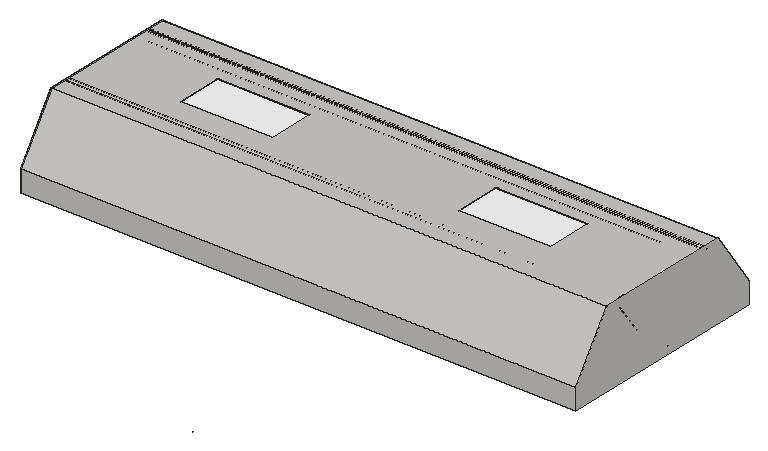
Revit family "QF_ELECTROLUXPROFESSIONAL_642351_BC1436DT", category Attrezzature speciali, Revit 2021
Family settings
  Quota connettore circolare = Usa diametro
  Tipo di parte = Normale
  Basato su piano di lavoro = No
  Sempre verticale = Sì
  Taglio con vuoti quando caricato = No
  Condiviso = No
  Punto di calcolo locali = No
Parameters (values of type "Standard")
  Weight = 103.00 kg
  Watts = 0 W
  Volts = 0 V
  URL Manufacturer = "https://www.electroluxprofessional.com/"
  URL = "https://www.electroluxprofessional.com/"
  Steam Supply Size = 0 mm
  Steam Supply Minimum Pressure = 0.0 Pa
  Steam Supply Maximum Pressure = 0.0 Pa
  Steam Consumption per Hour = 0
  Refrigeration Suction Line Size = 0 mm
  Refrigeration Liquid Line Size = 0 mm
  Refrigerant Compressor Remote = yes
  Prospetto di default = 0 mm
  Produttore = "Electrolux Professional"
  Phase = 0
  Modello = "BC1436DT"
  Length Actual = 3600 mm  # constant formula
  Item Number = "642351"
  Hot Water Size = 0 mm
  Height Actual = 500 mm  # constant formula
  HP = "0 HP"
  Gas Size = 0 mm
  Gas KW = 0
  Gas Input Pressure = 0 W
  Direct Waste Size = 0 mm
  Descrizione = "304 S/S ISLAND HOOD+FILTERS 3600X1400MM"
  Depth Actual = 1400 mm  # constant formula
  Cycle = 0 Hz
  Condensate Return Size = 0 mm
  Compressed Air Volume = 0.0 L/s
  Compressed Air Size = 0 mm
  Compressed Air Pressure = 0.0 Pa
  Cold Water Size = 0 mm
  Accessory = yes
Reference planes
  plane 1: z = 0
  plane 2 "Center (Left/Right)": x = 150
  plane 3 "LEFT": x = -1650
  plane 4 "RIGHT": x = 1950
  plane 5 "BACK": y = 550
  plane 6 "TOP": z = 2500
  plane 7 "Base": z = 2000
  plane 8: z = 1946
  plane 9: x = -1647
  plane 10 "DrainX": x = 1799
  plane 11 "AOLeft2": x = -450
  plane 12 "AORight1": x = 750
  plane 13: x = 1947
  plane 14: x = -1450
  plane 15: x = 1750
  plane 16: x = 50
  plane 17: x = 250
  plane 18 "AOLeft1": x = -1050
  plane 19 "AORight2": x = 1350
  plane 20: y = 0
  plane 21: y = -300
  plane 22 "Center (Front/Back)": y = -150
  plane 23: y = -850
  plane 24: through (0, -201.379, 2046.209) normal (0, 0.8019, 0.5974)
  plane 25: through (0, -98.621, 2046.209) normal (0, 0.8019, -0.5974)
  plane 26: z = 2140
Forms (mm)
  Extrusion 1, solid, material "QF_Finishes_Stainless Steel"
    sketch origin (-1650, 0, 360) x (0, 1, 0) y (0, 0, 1)
      loop
        line (550, 1640) -> (550, 1780) -> (299.446, 2140) -> (-599.446, 2140) -> (-850, 1780) -> (-850, 1640) -> (550, 1640)
    from 0 to 3
  Extrusion 2, solid, material "QF_Finishes_Stainless Steel"
    sketch origin (1950, 0, 360) x (0, 1, 0) y (0, 0, 1)
      loop
        line (550, 1640) -> (550, 1780) -> (299.446, 2140) -> (-599.446, 2140) -> (-850, 1780) -> (-850, 1640) -> (550, 1640)
    from 0 to -3
  Extrusion 3, solid, material "QF_Finishes_Stainless Steel"
    sketch origin (150, 0, 360) x (0, 1, 0) y (0, 0, 1)
      loop
        line (-599.446, 2140) -> (-850, 1780) -> (-850, 1640) -> (-840, 1640) -> (-840, 1640.8) -> (-849.2, 1640.8) -> (-849.2, 1779.739) -> (-599.025, 2139.19) -> (299.025, 2139.19) -> (549.2, 1779.739) -> (549.2, 1640.8) -> (540, 1640.8) -> (540, 1640) -> (550, 1640) -> (550, 1780) -> (299.446, 2140) -> (-599.446, 2140)
    from -1800 to 1800
  Extrusion 4, void
    sketch origin (0, 0, 2500) x (0, 1, 0) y (-1, 0, 0)
      loop
        line (0, 450) -> (0, 1050) -> (-300, 1050) -> (-300, 450) -> (0, 450)
    from 0 to -10
  Extrusion 5, solid, material "QF_Finishes_Stainless Steel"
    sketch origin (0, 0, 0) x (1, 0, 0) y (0, 1, 0)
      loop
        line (-1650, 550) -> (-1650, 549) -> (-1649, 549) -> (-1649, 550) -> (-1650, 550)
    from 0 to 1
  Extrusion 6, solid, material "QF_Finishes_Stainless Steel"
    sketch origin (150, -400, 360) x (0, 1, 0) y (0, 0, 1)
      loop
        line (-98.883, 2085.553) -> (198.621, 1686.209) -> (214.66, 1698.157) -> (-82.844, 2097.501) -> (-98.883, 2085.553)
      loop
        line (598.883, 2085.553) -> (582.844, 2097.501) -> (285.34, 1698.157) -> (301.379, 1686.209) -> (598.883, 2085.553)
    from -1600 to -1797
  Extrusion 7, solid, material "QF_Finishes_Stainless Steel"
    sketch origin (150, -400, 360) x (0, 1, 0) y (0, 0, 1)
      loop
        arc (316.056, 1704.554) -> (315.455, 1704.706) -> (314.923, 1704.389) r 0.81
        line (314.923, 1704.389) -> (300.465, 1684.991) -> (283.389, 1687.002) -> (286.391, 1712.615) -> (285.593, 1712.708) -> (282.594, 1687.095)
        arc (282.594, 1687.095) -> (282.763, 1686.499) -> (283.305, 1686.197) r 0.81
        line (283.305, 1686.197) -> (300.372, 1684.196)
        arc (300.372, 1684.196) -> (300.787, 1684.257) -> (301.116, 1684.517) r 0.81
        line (301.116, 1684.517) -> (315.564, 1703.911) -> (326.308, 1695.919) -> (300.145, 1660.79) -> (199.855, 1660.79) -> (173.692, 1695.919) -> (184.436, 1703.911) -> (198.884, 1684.517)
        arc (198.884, 1684.517) -> (199.213, 1684.257) -> (199.628, 1684.196) r 0.81
        line (199.628, 1684.196) -> (216.695, 1686.197)
        arc (216.695, 1686.197) -> (217.237, 1686.499) -> (217.406, 1687.095) r 0.81
        line (217.406, 1687.095) -> (214.407, 1712.708) -> (213.609, 1712.615) -> (216.611, 1687.002) -> (199.535, 1684.991) -> (185.077, 1704.389)
        arc (185.077, 1704.389) -> (184.545, 1704.706) -> (183.944, 1704.554) r 0.81
        line (183.944, 1704.554) -> (173.214, 1696.561)
        arc (173.214, 1696.561) -> (172.897, 1696.028) -> (173.049, 1695.427) r 0.81
        line (173.049, 1695.427) -> (199.157, 1660.381)
        arc (199.157, 1660.381) -> (199.5, 1660.093) -> (199.937, 1659.99) r 0.972
        line (199.937, 1659.99) -> (300.049, 1659.99)
        arc (300.049, 1659.99) -> (300.498, 1660.096) -> (300.851, 1660.393) r 1
        line (300.851, 1660.393) -> (326.951, 1695.427)
        arc (326.951, 1695.427) -> (327.103, 1696.028) -> (326.786, 1696.561) r 0.81
        line (326.786, 1696.561) -> (316.056, 1704.554)
      loop
        line (-92.735, 2139.19) -> (-92.735, 2129.205) -> (-117.587, 2110.686)
        arc (-117.587, 2110.686) -> (-117.904, 2110.153) -> (-117.752, 2109.552) r 0.81
        line (-117.752, 2109.552) -> (-84.894, 2065.446) -> (-95.625, 2057.438) -> (-95.147, 2056.796) -> (-84.418, 2064.79)
        arc (-84.418, 2064.79) -> (-84.1, 2065.322) -> (-84.252, 2065.923) r 0.81
        line (-84.252, 2065.923) -> (-117.117, 2110.038) -> (-91.935, 2128.798) -> (-91.935, 2138.4) -> (-62.776, 2138.4) -> (-62.776, 2070.563) -> (-61.976, 2069.49) -> (-61.976, 2139.19) -> (-92.735, 2139.19)
      loop
        line (592.735, 2139.19) -> (561.976, 2139.19) -> (561.976, 2069.49) -> (562.776, 2070.563) -> (562.776, 2138.4) -> (591.935, 2138.4) -> (591.935, 2128.798) -> (617.117, 2110.038) -> (584.252, 2065.923)
        arc (584.252, 2065.923) -> (584.1, 2065.322) -> (584.418, 2064.79) r 0.81
        line (584.418, 2064.79) -> (595.147, 2056.796) -> (595.625, 2057.438) -> (584.894, 2065.446) -> (617.752, 2109.552)
        arc (617.752, 2109.552) -> (617.904, 2110.153) -> (617.587, 2110.686) r 0.81
        line (617.587, 2110.686) -> (592.735, 2129.205) -> (592.735, 2139.19)
    from -1797 to 1797
  Extrusion 8, solid, material "QF_Finishes_Stainless Steel"
    sketch origin (150, -400, 360) x (0, 1, 0) y (0, 0, 1)
      loop
        line (-98.883, 2085.553) -> (198.621, 1686.209) -> (214.66, 1698.157) -> (-82.844, 2097.501) -> (-98.883, 2085.553)
      loop
        line (598.883, 2085.553) -> (582.844, 2097.501) -> (285.34, 1698.157) -> (301.379, 1686.209) -> (598.883, 2085.553)
    from 1797 to 1600
  Extrusion 9, solid, material "QF_Finishes_Stainless Steel"
    sketch origin (150, -400, 360) x (0, 1, 0) y (0, 0, 1)
      loop
        line (-98.883, 2085.553) -> (198.621, 1686.209) -> (214.66, 1698.157) -> (-82.844, 2097.501) -> (-98.883, 2085.553)
      loop
        line (598.883, 2085.553) -> (582.844, 2097.501) -> (285.34, 1698.157) -> (301.379, 1686.209) -> (598.883, 2085.553)
    from -100 to 100
  Extrusion 10, solid, material "QF_Finished_Chrome"
    sketch origin (150, -400, 360) x (0, 1, 0) y (0, 0, 1)
      loop
        line (-98.883, 2085.553) -> (198.621, 1686.209) -> (214.66, 1698.157) -> (-82.844, 2097.501) -> (-98.883, 2085.553)
      loop
        line (598.883, 2085.553) -> (582.844, 2097.501) -> (285.34, 1698.157) -> (301.379, 1686.209) -> (598.883, 2085.553)
    from -1600 to -100
  Extrusion 11, solid, material "QF_Finished_Chrome"
    sketch origin (150, -400, 360) x (0, 1, 0) y (0, 0, 1)
      loop
        line (-98.883, 2085.553) -> (198.621, 1686.209) -> (214.66, 1698.157) -> (-82.844, 2097.501) -> (-98.883, 2085.553)
      loop
        line (598.883, 2085.553) -> (582.844, 2097.501) -> (285.34, 1698.157) -> (301.379, 1686.209) -> (598.883, 2085.553)
    from 100 to 1600
  Sweep 12, solid, material "QF_Finishes_Stainless Steel"
    path origin (0, 0, 0) x (1, 0, 0) y (0, 1, 0)
      loop
        line (1950, 550) -> (-1650, 550) -> (-1650, -850) -> (1950, -850) -> (1950, 550)
    profile origin (1950, -150, 0) x (1, 0, 0) y (0, 0, 1)
      loop
        line (-3, 2000) -> (-3, 2000.8) -> (-19, 2000.8) -> (-19, 2010) -> (-20, 2010) -> (-20, 2000) -> (-3, 2000)
  Extrusion 13, void
    sketch origin (0, 0, 2500) x (0, 1, 0) y (-1, 0, 0)
      loop
        line (0, -1350) -> (0, -750) -> (-300, -750) -> (-300, -1350) -> (0, -1350)
    from 0 to -10
  Extrusion 14, solid, material "QF_Finishes_Stainless Steel"
    sketch origin (1799, 0, 0) x (0, 1, 0) y (0, 0, 1)
      loop
        arc (-118.5, 1946) -> (-111.429, 1948.929) -> (-108.5, 1956) r 10
        line (-108.5, 1956) -> (-108.5, 2000.8) -> (-191.5, 2000.8) -> (-191.5, 1956)
        arc (-191.5, 1956) -> (-188.571, 1948.929) -> (-181.5, 1946) r 10
        line (-181.5, 1946) -> (-118.5, 1946)
    from -90 to 90
  Extrusion 15, solid, material "QF_Finishes_Stainless Steel"
    sketch origin (0, -1100, 2000) x (0, 1, 0) y (-1, 0, 0)
      loop
        circle (950, -1799) r 6.35
    from -3.799 to 0
Cuts and joins
  Extrusion 4, Extrusion 13 cuts Extrusion 3
  joined: Extrusion 2, Extrusion 3, Sweep 12
Lines and regions (mm)
  symbolic lines, style "SpecialityEquipment", detail levels coarse
    curve 1: line (1950, 550, 2500) -> (-1650, 550, 2500)
    curve 2: line (-1650, 550, 2500) -> (-1650, -850, 2500)
    curve 3: line (1950, -850, 2500) -> (1950, 550, 2500)
    curve 4: line (-1650, 299.446, 0) -> (1950, -599.446, 0)
    curve 5: line (1950, 299.446, 0) -> (-1650.605, -599.446, 0)
  symbolic lines, detail levels coarse
    curve 6: line (-1050, -300, 0) -> (-450, -300, 0)
    curve 7: line (-1050, 0, 0) -> (-1050, -300, 0)
    curve 8: line (-450, 0, 0) -> (-1050, 0, 0)
    curve 9: line (-450, -300, 0) -> (-450, 0, 0)
    curve 10: line (750, 0, 0) -> (750, -300, 0)
    curve 11: line (1350, 0, 0) -> (750, 0, 0)
    curve 12: line (1350, -300, 0) -> (1350, 0, 0)
    curve 13: line (750, -300, 0) -> (1350, -300, 0)
    curve 14: line (-1650.605, -599.446, 0) -> (1950, -599.446, 0)
    curve 15: line (1950, 299.446, 0) -> (-1650, 299.446, 0)
    curve 16: line (-1650, -850, 0) -> (1950, -850, 0)
Dimensions and locks
  plane 3 "LEFT" to plane 4 "RIGHT" = 3600 mm
  equal spacing: plane 3 "LEFT", plane 2 "Center (Left/Right)", plane 4 "RIGHT"
  plane 3 "LEFT" to plane 9 = 3 mm
  plane 10 "DrainX" to plane 4 "RIGHT" = 151 mm
  plane 13 to plane 4 "RIGHT" = 3 mm
  plane 3 "LEFT" to plane 14 = 200 mm
  plane 15 to plane 4 "RIGHT" = 200 mm
  locked: plane 11 "AOLeft2" to plane 12 "AORight1" at 1200
  equal spacing: plane 11 "AOLeft2", plane 2 "Center (Left/Right)", plane 12 "AORight1"
  locked: plane 7 "Base" to level at 2000
  locked: plane 16 to plane 17 at 200
  equal spacing: plane 16, plane 2 "Center (Left/Right)", plane 17
  plane 18 "AOLeft1" to plane 11 "AOLeft2" = 600 mm
  plane 12 "AORight1" to plane 19 "AORight2" = 600 mm
  plane 7 "Base" to plane 8 = 54 mm
  locked: plane 6 "TOP" to plane 7 "Base" at 500
  plane 5 "BACK" to plane 23 = 1400 mm  (x2)
  equal spacing: plane 5 "BACK", plane 22 "Center (Front/Back)", plane 23
  plane 21 to plane 20 = 300 mm
  equal spacing: plane 21, plane 22 "Center (Front/Back)", plane 20
  plane 26 to plane 7 "Base" = 140 mm
  aligned and locked: level to plane 1
  aligned and locked: plane 4 "RIGHT" to Extrusion 3
  aligned and locked: Extrusion 3 to plane 3 "LEFT"
  aligned and locked: Extrusion 6 to plane 9
  aligned and locked: plane 14 to Extrusion 6
  aligned and locked: Extrusion 2 to plane 13
  aligned and locked: plane 13 to Extrusion 8
  aligned and locked: Extrusion 8 to plane 15
  aligned and locked: plane 17 to Extrusion 9
  aligned and locked: Extrusion 9 to plane 16
  aligned and locked: plane 16 to Extrusion 10
  aligned and locked: Extrusion 10 to plane 14
  aligned and locked: Extrusion 11 to plane 17
  aligned and locked: Extrusion 11 to plane 15
  aligned and locked: Extrusion 7 to plane 9
  aligned and locked: plane 13 to Extrusion 7
  aligned and locked: Extrusion 4 to plane 18 "AOLeft1"
  aligned and locked: Extrusion 4 to plane 11 "AOLeft2"
  aligned and locked: plane 12 "AORight1" to Extrusion 13
  aligned and locked: plane 19 "AORight2" to Extrusion 13
  aligned and locked: plane 21 to Extrusion 13
  aligned and locked: plane 21 to Extrusion 4
  aligned and locked: plane 20 to Extrusion 13
  aligned and locked: plane 20 to Extrusion 4
  aligned and locked: curve 6 to Extrusion 4
  aligned and locked: curve 7 to Extrusion 4
  aligned and locked: curve 8 to Extrusion 4
  aligned and locked: curve 9 to Extrusion 4
  aligned and locked: curve 10 to Extrusion 13
  aligned and locked: curve 11 to Extrusion 13
  aligned and locked: curve 12 to Extrusion 13
  aligned and locked: curve 13 to Extrusion 13
Automatic sketch dimensions
  Extrusion 4 sketch curve to plane 11 "AOLeft2" = 0 mm
  Extrusion 4 sketch curve to plane 18 "AOLeft1" = 0 mm
  Extrusion 5 sketch curve to plane 3 "LEFT" = 0 mm
  Extrusion 5 sketch curve to plane 5 "BACK" = 0 mm
  plane 3 "LEFT" to Extrusion 5 sketch curve = 1 mm
  Extrusion 5 sketch curve to Extrusion 5 sketch curve = 1 mm
  Sweep 12 sketch curve to plane 3 "LEFT" = 0 mm
  Sweep 12 sketch curve to plane 4 "RIGHT" = 0 mm
  Sweep 12 sketch curve to plane 5 "BACK" = 0 mm
  profile plane to Sweep 12 sketch curve = 20 mm
  Sweep 12 sketch curve to Sweep 12 sketch curve = 1 mm
  profile plane to Sweep 12 sketch curve = 3 mm
  level to Sweep 12 sketch curve = 2000 mm
  Sweep 12 sketch curve to Sweep 12 sketch curve = 0.8 mm
  Sweep 12 sketch curve to Sweep 12 sketch curve = 9.2 mm
  Extrusion 13 sketch curve to plane 11 "AOLeft2" = 1800 mm
  plane 18 "AOLeft1" to Extrusion 13 sketch curve = 1800 mm
  Extrusion 13 sketch curve to Extrusion 13 sketch curve = 300 mm
  Extrusion 13 sketch curve to plane 20 = 0 mm
  plane 21 to Sweep 12 sketch curve = 550 mm
  plane 21 to Extrusion 4 sketch curve = 0 mm
  Extrusion 4 sketch curve to plane 20 = 0 mm
  Extrusion 15 sketch curve to plane 10 "DrainX" = 0 mm
  Extrusion 15 sketch curve to plane 22 "Center (Front/Back)" = 0 mm
  Extrusion 14 sketch curve to plane 8 = 0 mm
  plane 8 to Extrusion 14 sketch curve = 10 mm
  Extrusion 14 sketch curve to plane 22 "Center (Front/Back)" = 41.5 mm
  plane 22 "Center (Front/Back)" to Extrusion 14 sketch curve = 31.5 mm
  plane 7 "Base" to Extrusion 14 sketch curve = 0.8 mm
  plane 22 "Center (Front/Back)" to Extrusion 14 sketch curve = 41.5 mm
  plane 21 to Extrusion 6 sketch curve = 198.883 mm
  Extrusion 6 sketch curve to plane 6 "TOP" = 42.499 mm  (x2)
  Extrusion 6 sketch curve to Extrusion 6 sketch curve = 16.039 mm  (x2)
  Extrusion 6 sketch curve to plane 22 "Center (Front/Back)" = 51.379 mm
  plane 22 "Center (Front/Back)" to Extrusion 6 sketch curve = 35.34 mm
  plane 20 to Extrusion 6 sketch curve = 182.844 mm
  Extrusion 6 sketch curve to Extrusion 6 sketch curve = 11.948 mm  (x2)
  Extrusion 7 sketch curve to plane 6 "TOP" = 30.448 mm  (x2)
  plane 21 to Extrusion 7 sketch curve = 217.752 mm
  Extrusion 7 sketch curve to plane 6 "TOP" = 29.314 mm  (x2)
  Extrusion 7 sketch curve to Extrusion 7 sketch curve = 0.166 mm  (x3)
  Extrusion 7 sketch curve to plane 6 "TOP" = 29.962 mm  (x2)
  Extrusion 7 sketch curve to Extrusion 7 sketch curve = 0.47 mm  (x2)
  Extrusion 7 sketch curve to Extrusion 7 sketch curve = 0.014 mm  (x2)
  Extrusion 7 sketch curve to plane 6 "TOP" = 82.562 mm  (x2)
  Extrusion 7 sketch curve to Extrusion 7 sketch curve = 22.127 mm
  Extrusion 7 sketch curve to plane 6 "TOP" = 83.204 mm  (x2)
  Extrusion 7 sketch curve to Extrusion 7 sketch curve = 0.478 mm  (x5)
  Extrusion 7 sketch curve to plane 6 "TOP" = 0.81 mm  (x2)
  Extrusion 7 sketch curve to Extrusion 7 sketch curve = 24.852 mm
  Extrusion 7 sketch curve to Extrusion 7 sketch curve = 0.8 mm  (x5)
  Extrusion 7 sketch curve to Extrusion 7 sketch curve = 10.724 mm
  Extrusion 7 sketch curve to plane 6 "TOP" = 74.554 mm  (x2)
  Extrusion 7 sketch curve to Extrusion 7 sketch curve = 0.008 mm  (x6)
  Extrusion 7 sketch curve to plane 6 "TOP" = 75.21 mm  (x2)
  Extrusion 7 sketch curve to plane 6 "TOP" = 74.077 mm  (x2)
  Extrusion 7 sketch curve to Extrusion 7 sketch curve = 0.642 mm  (x2)
  Extrusion 7 sketch curve to plane 6 "TOP" = 69.437 mm  (x2)
  Extrusion 7 sketch curve to Extrusion 7 sketch curve = 21.476 mm  (x2)
  Extrusion 7 sketch curve to plane 21 = 73.049 mm
  Extrusion 7 sketch curve to Extrusion 7 sketch curve = 0.006 mm  (x4)
  Extrusion 7 sketch curve to Extrusion 7 sketch curve = 10.73 mm  (x3)
  Extrusion 7 sketch curve to Extrusion 7 sketch curve = 0.484 mm  (x4)
  Extrusion 7 sketch curve to Extrusion 7 sketch curve = 0.641 mm  (x2)
  Extrusion 7 sketch curve to Extrusion 7 sketch curve = 14.448 mm
  plane 7 "Base" to Extrusion 7 sketch curve = 20.381 mm
  Extrusion 7 sketch curve to Extrusion 7 sketch curve = 0.273 mm
  Extrusion 7 sketch curve to Extrusion 7 sketch curve = 0.65 mm  (x2)
  Extrusion 7 sketch curve to Extrusion 7 sketch curve = 0.001 mm  (x4)
  Extrusion 7 sketch curve to Extrusion 7 sketch curve = 0.093 mm  (x2)
  plane 7 "Base" to Extrusion 7 sketch curve = 20.79 mm
  Extrusion 7 sketch curve to Extrusion 7 sketch curve = 0.698 mm
  Extrusion 7 sketch curve to Extrusion 7 sketch curve = 0.081 mm
  Extrusion 7 sketch curve to Extrusion 7 sketch curve = 28.531 mm
  Extrusion 7 sketch curve to Extrusion 7 sketch curve = 0.799 mm  (x2)
  Extrusion 7 sketch curve to Extrusion 7 sketch curve = 17.067 mm  (x2)
  Extrusion 7 sketch curve to Extrusion 7 sketch curve = 0.01 mm  (x4)
  Extrusion 7 sketch curve to Extrusion 7 sketch curve = 0.094 mm
  Extrusion 7 sketch curve to Extrusion 7 sketch curve = 0.795 mm  (x2)
  plane 22 "Center (Front/Back)" to Extrusion 7 sketch curve = 32.594 mm
  Extrusion 7 sketch curve to Extrusion 7 sketch curve = 0.71 mm
  Extrusion 7 sketch curve to Extrusion 7 sketch curve = 2.998 mm
  Extrusion 7 sketch curve to Extrusion 7 sketch curve = 16.745 mm
  Extrusion 7 sketch curve to Extrusion 7 sketch curve = 0.095 mm
  plane 7 "Base" to Extrusion 7 sketch curve = 20.393 mm
  Extrusion 7 sketch curve to Extrusion 7 sketch curve = 0.707 mm
  Extrusion 7 sketch curve to Extrusion 7 sketch curve = 0.651 mm
  Extrusion 7 sketch curve to Extrusion 7 sketch curve = 14.456 mm
  Extrusion 7 sketch curve to plane 6 "TOP" = 70.51 mm  (x2)
  plane 20 to Extrusion 7 sketch curve = 161.976 mm
  Extrusion 7 sketch curve to plane 6 "TOP" = 1.6 mm
  Extrusion 7 sketch curve to Extrusion 7 sketch curve = 29.159 mm
  Extrusion 7 sketch curve to Extrusion 7 sketch curve = 24.368 mm
  Extrusion 7 sketch curve to Extrusion 7 sketch curve = 0.636 mm
  Extrusion 7 sketch curve to Extrusion 7 sketch curve = 23.206 mm
  Extrusion 7 sketch curve to Extrusion 7 sketch curve = 23.234 mm
  Extrusion 7 sketch curve to Extrusion 7 sketch curve = 0.321 mm  (x2)
  Extrusion 7 sketch curve to Extrusion 7 sketch curve = 2.001 mm  (x2)
  Extrusion 7 sketch curve to Extrusion 7 sketch curve = 0.804 mm  (x2)
  Extrusion 7 sketch curve to Extrusion 7 sketch curve = 10.911 mm  (x2)
  Extrusion 7 sketch curve to Extrusion 7 sketch curve = 7.993 mm  (x2)
  Extrusion 7 sketch curve to Extrusion 7 sketch curve = 25.613 mm  (x2)
  Extrusion 7 sketch curve to Extrusion 7 sketch curve = 0.407 mm  (x2)
  Extrusion 7 sketch curve to Extrusion 7 sketch curve = 0.79 mm
  Extrusion 3 sketch curve to plane 7 "Base" = 0 mm  (x2)
  Extrusion 3 sketch curve to plane 23 = 0 mm
  Extrusion 3 sketch curve to plane 5 "BACK" = 0 mm
  plane 23 to Extrusion 3 sketch curve = 0.8 mm
  plane 7 "Base" to Extrusion 3 sketch curve = 0.8 mm  (x2)
  Extrusion 3 sketch curve to Extrusion 3 sketch curve = 9.2 mm
  plane 23 to Extrusion 3 sketch curve = 250.554 mm
  Extrusion 3 sketch curve to Extrusion 3 sketch curve = 0.421 mm  (x2)
  Extrusion 3 sketch curve to plane 6 "TOP" = 0.81 mm
  Extrusion 3 sketch curve to plane 5 "BACK" = 250.975 mm
  Extrusion 3 sketch curve to plane 5 "BACK" = 10 mm
  Extrusion 3 sketch curve to plane 5 "BACK" = 0.8 mm
  Extrusion 3 sketch curve to Extrusion 3 sketch curve = 138.939 mm  (x2)
  Extrusion 3 sketch curve to Extrusion 3 sketch curve = 0.261 mm  (x2)
  Extrusion 3 sketch curve to plane 6 "TOP" = 0 mm
  Extrusion 1 sketch curve to plane 7 "Base" = 0 mm
  Extrusion 1 sketch curve to plane 23 = 0 mm
  Extrusion 1 sketch curve to plane 6 "TOP" = 0 mm
  Extrusion 1 sketch curve to plane 5 "BACK" = 0 mm
  Extrusion 1 sketch curve to plane 5 "BACK" = 250.554 mm
  plane 7 "Base" to Extrusion 1 sketch curve = 140 mm
  Extrusion 1 sketch curve to Extrusion 1 sketch curve = 140 mm
  plane 23 to Extrusion 1 sketch curve = 250.554 mm
  plane 21 to Extrusion 10 sketch curve = 198.883 mm
  Extrusion 10 sketch curve to plane 6 "TOP" = 42.499 mm  (x2)
  Extrusion 10 sketch curve to Extrusion 10 sketch curve = 16.039 mm  (x2)
  Extrusion 10 sketch curve to plane 22 "Center (Front/Back)" = 51.379 mm
  plane 22 "Center (Front/Back)" to Extrusion 10 sketch curve = 35.34 mm
  plane 20 to Extrusion 10 sketch curve = 182.844 mm
  Extrusion 10 sketch curve to Extrusion 10 sketch curve = 11.948 mm  (x2)
  plane 21 to Extrusion 9 sketch curve = 198.883 mm
  Extrusion 9 sketch curve to plane 6 "TOP" = 42.499 mm  (x2)
  Extrusion 9 sketch curve to Extrusion 9 sketch curve = 16.039 mm  (x2)
  Extrusion 9 sketch curve to plane 22 "Center (Front/Back)" = 51.379 mm
  plane 22 "Center (Front/Back)" to Extrusion 9 sketch curve = 35.34 mm
  plane 20 to Extrusion 9 sketch curve = 182.844 mm
  Extrusion 9 sketch curve to Extrusion 9 sketch curve = 11.948 mm  (x2)
  plane 21 to Extrusion 11 sketch curve = 198.883 mm
  Extrusion 11 sketch curve to plane 6 "TOP" = 42.499 mm  (x2)
  Extrusion 11 sketch curve to Extrusion 11 sketch curve = 16.039 mm  (x2)
  Extrusion 11 sketch curve to plane 22 "Center (Front/Back)" = 51.379 mm
  plane 22 "Center (Front/Back)" to Extrusion 11 sketch curve = 35.34 mm
  plane 20 to Extrusion 11 sketch curve = 182.844 mm
  Extrusion 11 sketch curve to Extrusion 11 sketch curve = 11.948 mm  (x2)
  plane 21 to Extrusion 8 sketch curve = 198.883 mm
  Extrusion 8 sketch curve to plane 6 "TOP" = 42.499 mm  (x2)
  Extrusion 8 sketch curve to Extrusion 8 sketch curve = 16.039 mm  (x2)
  Extrusion 8 sketch curve to plane 22 "Center (Front/Back)" = 51.379 mm
  plane 22 "Center (Front/Back)" to Extrusion 8 sketch curve = 35.34 mm
  plane 20 to Extrusion 8 sketch curve = 182.844 mm
  Extrusion 8 sketch curve to Extrusion 8 sketch curve = 11.948 mm  (x2)
  Extrusion 2 sketch curve to plane 7 "Base" = 0 mm
  Extrusion 2 sketch curve to plane 23 = 0 mm
  Extrusion 2 sketch curve to plane 6 "TOP" = 0 mm
  Extrusion 2 sketch curve to plane 5 "BACK" = 0 mm
  Extrusion 2 sketch curve to plane 26 = 0 mm  (x2)
  Extrusion 2 sketch curve to plane 5 "BACK" = 250.554 mm
  plane 23 to Extrusion 2 sketch curve = 250.554 mm
  curve 2 to plane 3 "LEFT" = 0 mm
  curve 2 to plane 23 = 0 mm
  curve 3 to plane 4 "RIGHT" = 0 mm
  curve 3 to plane 23 = 0 mm
  curve 2 to plane 5 "BACK" = 0 mm
  curve 15 to plane 3 "LEFT" = 0 mm
  curve 16 to plane 3 "LEFT" = 0 mm
  curve 14 to plane 4 "RIGHT" = 0 mm
  curve 15 to plane 4 "RIGHT" = 0 mm
  curve 16 to plane 4 "RIGHT" = 0 mm
  curve 16 to plane 23 = 0 mm
  curve 14 to plane 3 "LEFT" = 0.605 mm
  plane 23 to curve 4 = 250.554 mm
  curve 15 to plane 5 "BACK" = 250.554 mm
  radius of Extrusion 15 sketch curve = 6.35 mm
Connectors
  hvac at (-750, -150, 2500)
    settings: on Extrusion 4, index 2, duct flow 0.0 L/s, flow factor 0, pres drop 0.0 Pa, loss coef 0, conn angle 0.00°, conn width 300 mm, conn height 600 mm, conn diameter 609.6 mm, duct sys type 3, conn prof type 1, flow config 1, flow direction 2, loss method 0, conn ref index -1, conn util no, is conn primary yes, conn desc "EXHAUST OUTLET"
  hvac at (1050, -150, 2500)
    settings: on Extrusion 13, index 3, duct flow 0.0 L/s, flow factor 0, pres drop 0.0 Pa, loss coef 0, conn angle 0.00°, conn width 300 mm, conn height 600 mm, conn diameter 609.6 mm, duct sys type 3, conn prof type 1, flow config 1, flow direction 2, loss method 0, conn ref index -1, conn util no, is conn primary no, conn desc "EXHAUST OUTLET"
  piping at (1799, -150, 1996.201), diameter 12.7
    settings: on Extrusion 15, index 4, connector inside diameter 609.6 mm, connector length 0 mm, flow factor 0, pipe flow 0.0 L/s, pressure drop 0.0 Pa, fitting loss kfactor 0, connector angle 0.00°, fixture units 0, engagement length 0 mm, angle of deflection 0.00°, flow configuration 1, flow direction 2, fitting loss method 0, system type 16, joint type 0, gender type 0, connector reference index -1, connector utility 0, adjustable connector no, is connector primary yes, connector description "Drain"
